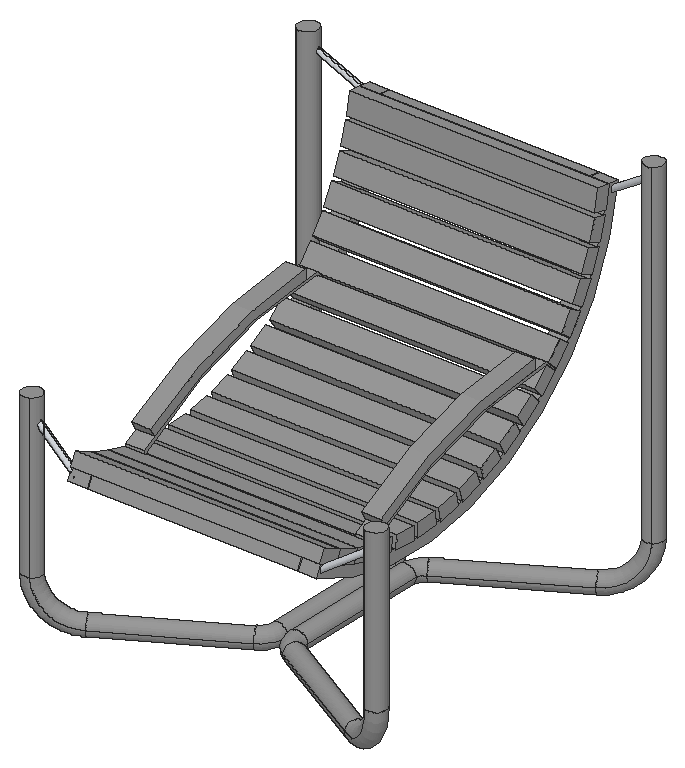
Revit family "42138 Кресло подвесное «Фрея» Хоббика", category Антураж, Revit 2018
Family settings
  На основе рабочей плоскости = Нет
  Всегда вертикально = Да
  При загрузке вырезать с полостями = Нет
  Источник визуального образа = Геометрия семейства
  Общий = Нет
  Точка расчета площади = Нет
Parameters (values of type "Кресло подвесное «Фрея»")
  Ширина = 990 mm  # constant formula
  Цвет отделки = Дерево
  Цвет каркаса = Сталь
  Описание = "Кресло подвесное «Фрея»"  # constant formula
  Материал изделия = "Сталь, дерево"  # constant formula
  Изображение типоразмера = Кресло подвесное «Фрея» Арт 42138.jpg
  Изготовитель = "ООО «Хоббика»"  # constant formula
  Длина = 950 mm  # constant formula
  Группа модели = "Скамейки"  # constant formula
  Высота = 1020 mm  # constant formula
  Артикул товара = "Арт. 42138"  # constant formula
  URL = "https://hobbyka.ru/product/kreslo_podvesnoe_freya"
Reference planes
  plane 1 "По центру (Вперед/Назад)": y = 0
  plane 2: z = 0
  plane 3 "По центру (Влево/Вправо)": x = 0
  plane 4: x = 950
  plane 5: y = 990
  plane 6: z = 1020
Forms (mm)
  Sweep 1, solid, material "Сталь" <- "Цвет каркаса"
    path origin (0, 0, 0) x (1, 0, 0) y (0, 1, 0)
      loop
        line (135.418, 911.816) -> (437.5, 737.409)
        arc (437.5, 737.409) -> (464.952, 709.957) -> (475, 672.457) r 75
        line (475, 672.457) -> (475, 317.543)
        arc (475, 317.543) -> (464.952, 280.043) -> (437.5, 252.591) r 75
        line (437.5, 252.591) -> (137.093, 79.151)
    profile origin (475, 495, 0) x (1, 0, 0) y (0, 0, 1)
      loop
        circle (-25, 25) r 25
  Sweep 2, solid, material "Сталь" <- "Цвет каркаса"
    path origin (15.849, 9.151, 0) x (0.866025, 0.5, 0) y (0, 0, 1)
      loop
        line (0, 560) -> (0, 140)
        arc (0, 140) -> (41.005, 41.005) -> (140, 0) r 140
    profile origin (15.849, 9.151, 350) x (0.5, -0.866025, 0) y (0.866025, 0.5, 0)
      loop
        circle (-25, 25) r 25
  Sweep 3, solid, material "Сталь" <- "Цвет каркаса"
    path origin (-10.825, 938.515, 0) x (0.866025, -0.5, 0) y (0, 0, 1)
      loop
        line (0, 1020) -> (0, 140)
        arc (0, 140) -> (41.005, 41.005) -> (140, 0) r 140
    profile origin (-10.825, 938.515, 580) x (-0.5, -0.866025, 0) y (0.866025, -0.5, 0)
      loop
        circle (-25, 25) r 25
  Sweep 4, solid, material "Сталь" <- "Цвет каркаса"
    path origin (950, 0, 0) x (-1, 0, 0) y (0, 1, 0)
      loop
        line (135.418, 911.816) -> (437.5, 737.409)
        arc (437.5, 737.409) -> (464.952, 709.957) -> (475, 672.457) r 75
        line (475, 672.457) -> (475, 317.543)
        arc (475, 317.543) -> (464.952, 280.043) -> (437.5, 252.591) r 75
        line (437.5, 252.591) -> (137.093, 79.151)
    profile origin (475, 495, 0) x (1, 0, 0) y (0, 0, 1)
      loop
        circle (25, 25) r 25
  Sweep 5, solid, material "Сталь" <- "Цвет каркаса"
    path origin (934.151, 9.151, 0) x (-0.866025, 0.5, 0) y (0, 0, -1)
      loop
        line (0, -560) -> (0, -140)
        arc (0, -140) -> (41.005, -41.005) -> (140, 0) r 140
    profile origin (934.151, 9.151, 350) x (-0.5, -0.866025, 0) y (0.866025, -0.5, 0)
      loop
        circle (-25, -25) r 25
  Sweep 6, solid, material "Сталь" <- "Цвет каркаса"
    path origin (960.825, 938.515, 0) x (-0.866025, -0.5, 0) y (0, 0, -1)
      loop
        line (0, -1020) -> (0, -140)
        arc (0, -140) -> (41.005, -41.005) -> (140, 0) r 140
    profile origin (960.825, 938.515, 580) x (0.5, -0.866025, 0) y (0.866025, 0.5, 0)
      loop
        circle (-25, -25) r 25
  Extrusion 7, solid, material "Сталь" <- "Цвет каркаса"
    sketch origin (0, 0, 0) x (0, 1, 0) y (0, 0, 1)
      loop
        line (990, 915) -> (959.88, 919.064)
        arc (959.88, 919.064) -> (901.696, 726.428) -> (786.804, 561.221) r 642.83
        line (786.804, 561.221) -> (757.919, 590.113)
        arc (757.919, 590.113) -> (462.933, 545.979) -> (193.699, 417.614) r 1010.044
        line (193.699, 417.614) -> (185.773, 378.061)
        arc (185.773, 378.061) -> (100.59, 403.028) -> (19.656, 439.488) r 643.084
        line (19.656, 439.488) -> (5.438, 413.34)
        arc (5.438, 413.34) -> (628.829, 406.853) -> (990, 915) r 672.898
      loop
        arc (189.915, 377.173) -> (510.308, 391.283) -> (784.048, 558.366) r 643.101
        line (784.048, 558.366) -> (755.851, 585.111)
        arc (755.851, 585.111) -> (464.361, 541.187) -> (198.152, 414.583) r 1005.044
        line (198.152, 414.583) -> (189.915, 377.173)
    from 150 to 200
  Extrusion 8, solid, material "Сталь" <- "Цвет каркаса"
    sketch origin (0, 0, 0) x (0, 1, 0) y (0, 0, 1)
      loop
        line (990, 915) -> (959.88, 919.064)
        arc (959.88, 919.064) -> (901.696, 726.428) -> (786.804, 561.221) r 642.83
        line (786.804, 561.221) -> (757.919, 590.113)
        arc (757.919, 590.113) -> (462.933, 545.979) -> (193.699, 417.614) r 1010.044
        line (193.699, 417.614) -> (185.773, 378.061)
        arc (185.773, 378.061) -> (100.59, 403.028) -> (19.656, 439.488) r 643.084
        line (19.656, 439.488) -> (5.438, 413.34)
        arc (5.438, 413.34) -> (628.829, 406.853) -> (990, 915) r 672.898
      loop
        arc (189.915, 377.173) -> (510.308, 391.283) -> (784.048, 558.366) r 643.101
        line (784.048, 558.366) -> (755.851, 585.111)
        arc (755.851, 585.111) -> (464.361, 541.187) -> (198.152, 414.583) r 1005.044
        line (198.152, 414.583) -> (189.915, 377.173)
    from 750 to 800
  Extrusion 9, solid, material "Сталь" <- "Цвет каркаса"
    sketch origin (0, 0, 0) x (0, 1, 0) y (0, 0, 1)
      loop
        arc (5.438, 413.34) -> (29.94, 400.844) -> (54.933, 389.36) r 672.898
        line (54.933, 389.36) -> (69.194, 415.586)
        arc (69.194, 415.586) -> (44.169, 427.007) -> (19.656, 439.488) r 643.084
        line (19.656, 439.488) -> (5.438, 413.34)
      loop
        arc (959.88, 919.064) -> (955.838, 893.419) -> (950.763, 867.959) r 642.83
        line (950.763, 867.959) -> (980.43, 861.413)
        arc (980.43, 861.413) -> (985.757, 888.109) -> (990, 915) r 672.898
        line (990, 915) -> (959.88, 919.064)
    from 200 to 750
  Extrusion 10, solid, material "Дерево" <- "Цвет отделки"
    sketch origin (0, 0, 0) x (0, 1, 0) y (0, 0, 1)
      loop
        line (185.773, 378.061) -> (192.651, 412.385)
        arc (192.651, 412.385) -> (165.94, 418.913) -> (139.551, 426.643) r 608.084
        line (139.551, 426.643) -> (128.956, 393.285)
        arc (128.956, 393.285) -> (157.191, 385.023) -> (185.773, 378.061) r 643.084
    from 150 to 800
  Extrusion 11, solid, material "Дерево" <- "Цвет отделки"
    sketch origin (0, 0, 0) x (0, 1, 0) y (0, 0, 1)
      loop
        line (825.606, 605.551) -> (798.24, 627.372)
        arc (798.24, 627.372) -> (780.615, 606.266) -> (762.053, 585.978) r 607.83
        line (762.053, 585.978) -> (786.804, 561.221)
        arc (786.804, 561.221) -> (806.713, 582.941) -> (825.606, 605.551) r 642.83
    from 150 to 800
  Extrusion 12, solid, material "Дерево" <- "Цвет отделки"
    sketch origin (0, 560.242, -23.595) x (0, 0.859256, 0.511547) y (0, -0.511547, 0.859256)
      loop
        line (825.606, 605.551) -> (798.24, 627.372)
        arc (798.24, 627.372) -> (780.615, 606.266) -> (762.053, 585.978) r 607.83
        line (762.053, 585.978) -> (786.804, 561.221)
        arc (786.804, 561.221) -> (806.713, 582.941) -> (825.606, 605.551) r 642.83
    from 150 to 800
  Extrusion 13, solid, material "Дерево" <- "Цвет отделки"
    sketch origin (0, 109.729, -28.825) x (0, 0.994239, 0.10719) y (0, -0.10719, 0.994239)
      loop
        line (825.606, 605.551) -> (798.24, 627.372)
        arc (798.24, 627.372) -> (780.615, 606.266) -> (762.053, 585.978) r 607.83
        line (762.053, 585.978) -> (786.804, 561.221)
        arc (786.804, 561.221) -> (806.713, 582.941) -> (825.606, 605.551) r 642.83
    from 150 to 800
  Extrusion 14, solid, material "Дерево" <- "Цвет отделки"
    sketch origin (0, 221.916, -45.721) x (0, 0.97702, 0.213146) y (0, -0.213146, 0.97702)
      loop
        line (825.606, 605.551) -> (798.24, 627.372)
        arc (798.24, 627.372) -> (780.615, 606.266) -> (762.053, 585.978) r 607.83
        line (762.053, 585.978) -> (786.804, 561.221)
        arc (786.804, 561.221) -> (806.713, 582.941) -> (825.606, 605.551) r 642.83
    from 150 to 800
  Extrusion 15, solid, material "Дерево" <- "Цвет отделки"
    sketch origin (0, 335.267, -50.495) x (0, 0.948544, 0.316645) y (0, -0.316645, 0.948544)
      loop
        line (825.606, 605.551) -> (798.24, 627.372)
        arc (798.24, 627.372) -> (780.615, 606.266) -> (762.053, 585.978) r 607.83
        line (762.053, 585.978) -> (786.804, 561.221)
        arc (786.804, 561.221) -> (806.713, 582.941) -> (825.606, 605.551) r 642.83
    from 150 to 800
  Extrusion 16, solid, material "Дерево" <- "Цвет отделки"
    sketch origin (0, 448.478, -43.091) x (0, 0.909138, 0.416495) y (0, -0.416495, 0.909138)
      loop
        line (825.606, 605.551) -> (798.24, 627.372)
        arc (798.24, 627.372) -> (780.615, 606.266) -> (762.053, 585.978) r 607.83
        line (762.053, 585.978) -> (786.804, 561.221)
        arc (786.804, 561.221) -> (806.713, 582.941) -> (825.606, 605.551) r 642.83
    from 150 to 800
  Extrusion 17, solid, material "Дерево" <- "Цвет отделки"
    sketch origin (0, 0, 0) x (0, 1, 0) y (0, 0, 1)
      loop
        line (784.048, 558.366) -> (758.652, 582.454)
        arc (758.652, 582.454) -> (739.04, 563.18) -> (718.577, 544.812) r 608.101
        line (718.577, 544.812) -> (741.362, 518.244)
        arc (741.362, 518.244) -> (763.162, 537.819) -> (784.048, 558.366) r 643.101
    from 150 to 800
  Extrusion 18, solid, material "Дерево" <- "Цвет отделки"
    sketch origin (0, -672.283, 650.758) x (0, 0.60813, -0.793838) y (0, 0.793838, 0.60813)
      loop
        line (784.048, 558.366) -> (758.652, 582.454)
        arc (758.652, 582.454) -> (739.04, 563.18) -> (718.577, 544.812) r 608.101
        line (718.577, 544.812) -> (741.362, 518.244)
        arc (741.362, 518.244) -> (763.162, 537.819) -> (784.048, 558.366) r 643.101
    from 150 to 800
  Extrusion 19, solid, material "Дерево" <- "Цвет отделки"
    sketch origin (0, -112.989, 43.552) x (0, 0.993436, -0.114386) y (0, 0.114386, 0.993436)
      loop
        line (784.048, 558.366) -> (758.652, 582.454)
        arc (758.652, 582.454) -> (739.04, 563.18) -> (718.577, 544.812) r 608.101
        line (718.577, 544.812) -> (741.362, 518.244)
        arc (741.362, 518.244) -> (763.162, 537.819) -> (784.048, 558.366) r 643.101
    from 150 to 800
  Extrusion 20, solid, material "Дерево" <- "Цвет отделки"
    sketch origin (0, -220.255, 99.742) x (0, 0.973832, -0.22727) y (0, 0.22727, 0.973832)
      loop
        line (784.048, 558.366) -> (758.652, 582.454)
        arc (758.652, 582.454) -> (739.04, 563.18) -> (718.577, 544.812) r 608.101
        line (718.577, 544.812) -> (741.362, 518.244)
        arc (741.362, 518.244) -> (763.162, 537.819) -> (784.048, 558.366) r 643.101
    from 150 to 800
  Extrusion 21, solid, material "Дерево" <- "Цвет отделки"
    sketch origin (0, -320.389, 167.833) x (0, 0.941443, -0.337171) y (0, 0.337171, 0.941443)
      loop
        line (784.048, 558.366) -> (758.652, 582.454)
        arc (758.652, 582.454) -> (739.04, 563.18) -> (718.577, 544.812) r 608.101
        line (718.577, 544.812) -> (741.362, 518.244)
        arc (741.362, 518.244) -> (763.162, 537.819) -> (784.048, 558.366) r 643.101
    from 150 to 800
  Extrusion 22, solid, material "Дерево" <- "Цвет отделки"
    sketch origin (0, -412.078, 246.931) x (0, 0.896697, -0.442646) y (0, 0.442646, 0.896697)
      loop
        line (784.048, 558.366) -> (758.652, 582.454)
        arc (758.652, 582.454) -> (739.04, 563.18) -> (718.577, 544.812) r 608.101
        line (718.577, 544.812) -> (741.362, 518.244)
        arc (741.362, 518.244) -> (763.162, 537.819) -> (784.048, 558.366) r 643.101
    from 150 to 800
  Extrusion 23, solid, material "Дерево" <- "Цвет отделки"
    sketch origin (0, -494.117, 335.998) x (0, 0.840179, -0.54231) y (0, 0.54231, 0.840179)
      loop
        line (784.048, 558.366) -> (758.652, 582.454)
        arc (758.652, 582.454) -> (739.04, 563.18) -> (718.577, 544.812) r 608.101
        line (718.577, 544.812) -> (741.362, 518.244)
        arc (741.362, 518.244) -> (763.162, 537.819) -> (784.048, 558.366) r 643.101
    from 150 to 800
  Extrusion 24, solid, material "Дерево" <- "Цвет отделки"
    sketch origin (0, -565.429, 433.864) x (0, 0.772632, -0.634855) y (0, 0.634855, 0.772632)
      loop
        line (784.048, 558.366) -> (758.652, 582.454)
        arc (758.652, 582.454) -> (739.04, 563.18) -> (718.577, 544.812) r 608.101
        line (718.577, 544.812) -> (741.362, 518.244)
        arc (741.362, 518.244) -> (763.162, 537.819) -> (784.048, 558.366) r 643.101
    from 150 to 800
  Extrusion 25, solid, material "Дерево" <- "Цвет отделки"
    sketch origin (0, -625.079, 539.245) x (0, 0.694942, -0.719066) y (0, 0.719066, 0.694942)
      loop
        line (784.048, 558.366) -> (758.652, 582.454)
        arc (758.652, 582.454) -> (739.04, 563.18) -> (718.577, 544.812) r 608.101
        line (718.577, 544.812) -> (741.362, 518.244)
        arc (741.362, 518.244) -> (763.162, 537.819) -> (784.048, 558.366) r 643.101
    from 150 to 800
  Extrusion 26, solid, material "Дерево" <- "Цвет отделки"
    sketch origin (0, -722.384, 850.797) x (0, 0.442401, -0.896817) y (0, 0.896817, 0.442401)
      loop
        line (784.048, 558.366) -> (758.652, 582.454)
        arc (758.652, 582.454) -> (739.04, 563.18) -> (718.577, 544.812) r 608.101
        line (718.577, 544.812) -> (741.362, 518.244)
        arc (741.362, 518.244) -> (763.162, 537.819) -> (784.048, 558.366) r 643.101
    from 150 to 800
  Extrusion 27, solid, material "Дерево" <- "Цвет отделки"
    sketch origin (0, -732.55, 953.127) x (0, 0.353152, -0.935566) y (0, 0.935566, 0.353152)
      loop
        line (784.048, 558.366) -> (758.652, 582.454)
        arc (758.652, 582.454) -> (739.04, 563.18) -> (718.577, 544.812) r 608.101
        line (718.577, 544.812) -> (741.362, 518.244)
        arc (741.362, 518.244) -> (763.162, 537.819) -> (784.048, 558.366) r 643.101
    from 150 to 800
  Extrusion 28, solid, material "Дерево" <- "Цвет отделки"
    sketch origin (0, 0, 0) x (0, 1, 0) y (0, 0, 1)
      loop
        line (718.895, 589.347) -> (717.921, 614.328)
        arc (717.921, 614.328) -> (455.624, 569.887) -> (213.319, 460.055) r 1035.044
        line (213.319, 460.055) -> (226.48, 438.801)
        arc (226.48, 438.801) -> (462.933, 545.979) -> (718.895, 589.347) r 1010.044
    from 150 to 200
  Extrusion 29, solid, material "Дерево" <- "Цвет отделки"
    sketch origin (0, 0, 0) x (0, 1, 0) y (0, 0, 1)
      loop
        line (718.895, 589.347) -> (717.921, 614.328)
        arc (717.921, 614.328) -> (455.624, 569.887) -> (213.319, 460.055) r 1035.044
        line (213.319, 460.055) -> (226.48, 438.801)
        arc (226.48, 438.801) -> (462.933, 545.979) -> (718.895, 589.347) r 1010.044
    from 750 to 800
  Sweep 30, solid
    path origin (419.496, -233.385, 1573.358) x (0.918358, 0.144163, -0.368559) y (-0.393313, 0.229259, -0.890363)
      loop
        line (23.325, 947.666) -> (184.629, 982.396)
    profile origin (135.425, 2.846, 675.809) x (-0.577805, 0.193778, -0.792838) y (-0.043862, 0.962631, 0.267243)
      loop
        circle (0, 995) r 7.5
  Sweep 31, solid
    path origin (530.504, -233.385, 1573.358) x (-0.918358, 0.144163, -0.368559) y (-0.393313, -0.229259, 0.890363)
      loop
        line (23.325, -947.666) -> (184.629, -982.396)
    profile origin (814.575, 2.846, 675.809) x (-0.577805, -0.193778, 0.792838) y (0.043862, 0.962631, 0.267243)
      loop
        circle (0, 995) r 7.5
  Sweep 32, solid
    path origin (357.362, 1242.215, 1098.358) x (0.924644, -0.095902, -0.368559) y (0.380775, 0.249529, 0.890363)
      loop
        line (23.325, -947.666) -> (184.629, -982.396)
    profile origin (86.044, 991.44, 200.809) x (0.566871, 0.223752, 0.792838) y (0.006579, -0.963607, 0.267243)
      loop
        circle (0, 995) r 7.5
  Sweep 33, solid
    path origin (592.638, 1242.215, 1098.358) x (-0.924644, -0.095902, -0.368559) y (0.380775, -0.249529, -0.890363)
      loop
        line (23.325, 947.666) -> (184.629, 982.396)
    profile origin (863.956, 991.44, 200.809) x (0.566871, -0.223752, -0.792838) y (-0.006579, -0.963607, 0.267243)
      loop
        circle (0, 995) r 7.5
Cuts and joins
  joined: Sweep 1, Sweep 2, Sweep 3
  joined: Sweep 4, Sweep 5, Sweep 6
Dimensions and locks
  "Ширина": plane 5 to plane 1 "По центру (Вперед/Назад)"
  "Длина": plane 4 to plane 3 "По центру (Влево/Вправо)"
  "Высота": plane 6 to plane 2
  aligned and locked: level to plane 2
Automatic sketch dimensions
  plane 3 "По центру (Влево/Вправо)" to Sweep 1 sketch curve = 400 mm
  Sweep 1 sketch curve to Sweep 1 sketch curve = 0 mm
  Sweep 1 sketch curve to plane 5 = 252.591 mm
  Sweep 1 sketch curve to Sweep 1 sketch curve = 37.5 mm  (x3)
  Sweep 1 sketch curve to plane 1 "По центру (Вперед/Назад)" = 252.591 mm
  plane 3 "По центру (Влево/Вправо)" to Sweep 1 sketch curve = 137.093 mm
  plane 3 "По центру (Влево/Вправо)" to Sweep 1 sketch curve = 135.418 mm
  Sweep 1 sketch curve to plane 1 "По центру (Вперед/Назад)" = 79.151 mm
  Sweep 1 sketch curve to plane 5 = 78.184 mm
  profile plane to Sweep 1 sketch curve = 25 mm
  level to Sweep 1 sketch curve = 25 mm
  Sweep 2 sketch curve to level = 0 mm
  level to Sweep 2 sketch curve = 140 mm
  Sweep 2 sketch curve to Sweep 2 sketch curve = 420 mm
  Sweep 2 sketch curve to profile plane = 25 mm  (x2)
  Sweep 3 sketch curve to plane 6 = 0 mm
  Sweep 3 sketch curve to level = 0 mm
  level to Sweep 3 sketch curve = 140 mm
  Sweep 3 sketch curve to profile plane = 25 mm  (x2)
  plane 4 to Sweep 4 sketch curve = 400 mm
  Sweep 4 sketch curve to Sweep 4 sketch curve = 0 mm
  plane 5 to Sweep 4 sketch curve = 252.591 mm
  Sweep 4 sketch curve to Sweep 4 sketch curve = 37.5 mm  (x3)
  plane 1 "По центру (Вперед/Назад)" to Sweep 4 sketch curve = 252.591 mm
  plane 4 to Sweep 4 sketch curve = 137.093 mm
  plane 4 to Sweep 4 sketch curve = 135.418 mm
  plane 1 "По центру (Вперед/Назад)" to Sweep 4 sketch curve = 79.151 mm
  plane 5 to Sweep 4 sketch curve = 78.184 mm
  Sweep 4 sketch curve to profile plane = 25 mm
  level to Sweep 4 sketch curve = 25 mm
  Sweep 5 sketch curve to level = 0 mm
  level to Sweep 5 sketch curve = 140 mm
  Sweep 5 sketch curve to Sweep 5 sketch curve = 420 mm
  Sweep 5 sketch curve to profile plane = 25 mm
  profile plane to Sweep 5 sketch curve = 25 mm
  Sweep 6 sketch curve to plane 6 = 0 mm
  Sweep 6 sketch curve to level = 0 mm
  level to Sweep 6 sketch curve = 140 mm
  Sweep 6 sketch curve to profile plane = 25 mm
  profile plane to Sweep 6 sketch curve = 25 mm
  Extrusion 7 sketch curve to Extrusion 7 sketch curve = 0 mm  (x2)
  Extrusion 7 sketch curve to plane 5 = 0 mm
  Extrusion 7 sketch curve to plane 5 = 30.12 mm
  Extrusion 7 sketch curve to plane 5 = 203.196 mm
  Extrusion 7 sketch curve to Extrusion 7 sketch curve = 2.757 mm
  Extrusion 7 sketch curve to plane 5 = 231.758 mm
  Extrusion 7 sketch curve to Extrusion 7 sketch curve = 28.885 mm
  Extrusion 7 sketch curve to Extrusion 7 sketch curve = 2.068 mm
  Extrusion 7 sketch curve to plane 6 = 13.804 mm
  Extrusion 7 sketch curve to plane 1 "По центру (Вперед/Назад)" = 323.629 mm
  Extrusion 7 sketch curve to Extrusion 7 sketch curve = 0.29 mm  (x2)
  Extrusion 7 sketch curve to Extrusion 7 sketch curve = 0.339 mm
  Extrusion 7 sketch curve to plane 1 "По центру (Вперед/Назад)" = 198.152 mm
  Extrusion 7 sketch curve to Extrusion 7 sketch curve = 4.452 mm
  Extrusion 7 sketch curve to Extrusion 7 sketch curve = 8.237 mm
  Extrusion 7 sketch curve to Extrusion 7 sketch curve = 4.141 mm
  Extrusion 7 sketch curve to plane 1 "По центру (Вперед/Назад)" = 19.656 mm
  Extrusion 7 sketch curve to plane 1 "По центру (Вперед/Назад)" = 5.438 mm
  Extrusion 7 sketch curve to plane 6 = 100.936 mm
  Extrusion 7 sketch curve to Extrusion 7 sketch curve = 4.064 mm
  Extrusion 7 sketch curve to Extrusion 7 sketch curve = 328.95 mm
  Extrusion 7 sketch curve to Extrusion 7 sketch curve = 5.003 mm
  Extrusion 7 sketch curve to Extrusion 7 sketch curve = 23.89 mm
  Extrusion 7 sketch curve to Extrusion 7 sketch curve = 2.855 mm
  level to Extrusion 7 sketch curve = 439.488 mm
  Extrusion 7 sketch curve to Extrusion 7 sketch curve = 39.553 mm
  Extrusion 7 sketch curve to Extrusion 7 sketch curve = 26.148 mm
  Extrusion 7 sketch curve to Extrusion 7 sketch curve = 0.888 mm
  Extrusion 8 sketch curve to Extrusion 8 sketch curve = 0 mm  (x2)
  Extrusion 8 sketch curve to plane 5 = 0 mm
  Extrusion 8 sketch curve to plane 5 = 30.12 mm
  Extrusion 8 sketch curve to plane 5 = 203.196 mm
  Extrusion 8 sketch curve to Extrusion 8 sketch curve = 2.757 mm
  Extrusion 8 sketch curve to plane 5 = 231.758 mm
  Extrusion 8 sketch curve to Extrusion 8 sketch curve = 28.885 mm
  Extrusion 8 sketch curve to Extrusion 8 sketch curve = 2.068 mm
  Extrusion 8 sketch curve to plane 6 = 13.804 mm
  Extrusion 8 sketch curve to plane 1 "По центру (Вперед/Назад)" = 323.629 mm
  Extrusion 8 sketch curve to Extrusion 8 sketch curve = 0.29 mm  (x2)
  Extrusion 8 sketch curve to Extrusion 8 sketch curve = 0.339 mm
  Extrusion 8 sketch curve to plane 1 "По центру (Вперед/Назад)" = 198.152 mm
  Extrusion 8 sketch curve to Extrusion 8 sketch curve = 4.452 mm
  Extrusion 8 sketch curve to Extrusion 8 sketch curve = 8.237 mm
  Extrusion 8 sketch curve to Extrusion 8 sketch curve = 4.141 mm
  Extrusion 8 sketch curve to plane 1 "По центру (Вперед/Назад)" = 19.656 mm
  Extrusion 8 sketch curve to plane 1 "По центру (Вперед/Назад)" = 5.438 mm
  Extrusion 8 sketch curve to plane 6 = 100.936 mm
  Extrusion 8 sketch curve to Extrusion 8 sketch curve = 4.064 mm
  Extrusion 8 sketch curve to Extrusion 8 sketch curve = 328.95 mm
  Extrusion 8 sketch curve to Extrusion 8 sketch curve = 5.003 mm
  Extrusion 8 sketch curve to Extrusion 8 sketch curve = 23.89 mm
  Extrusion 8 sketch curve to Extrusion 8 sketch curve = 2.855 mm
  level to Extrusion 8 sketch curve = 439.488 mm
  Extrusion 8 sketch curve to Extrusion 8 sketch curve = 39.553 mm
  Extrusion 8 sketch curve to Extrusion 8 sketch curve = 26.148 mm
  Extrusion 8 sketch curve to Extrusion 8 sketch curve = 0.888 mm
  Extrusion 9 sketch curve to Extrusion 9 sketch curve = 0 mm  (x2)
  Extrusion 9 sketch curve to plane 5 = 0 mm
  Extrusion 9 sketch curve to plane 5 = 9.57 mm
  Extrusion 9 sketch curve to plane 5 = 30.12 mm
  Extrusion 9 sketch curve to Extrusion 9 sketch curve = 29.667 mm
  Extrusion 9 sketch curve to plane 6 = 13.804 mm
  Extrusion 9 sketch curve to plane 1 "По центру (Вперед/Назад)" = 323.629 mm
  Extrusion 9 sketch curve to Extrusion 9 sketch curve = 0.29 mm
  Extrusion 9 sketch curve to Extrusion 9 sketch curve = 0.339 mm
  Extrusion 9 sketch curve to plane 1 "По центру (Вперед/Назад)" = 69.194 mm
  Extrusion 9 sketch curve to Extrusion 9 sketch curve = 14.261 mm
  Extrusion 9 sketch curve to plane 1 "По центру (Вперед/Назад)" = 19.656 mm
  Extrusion 9 sketch curve to plane 1 "По центру (Вперед/Назад)" = 5.438 mm
  Extrusion 9 sketch curve to plane 6 = 100.936 mm
  Extrusion 9 sketch curve to Extrusion 9 sketch curve = 4.064 mm
  Extrusion 9 sketch curve to Extrusion 9 sketch curve = 51.105 mm
  Extrusion 9 sketch curve to Extrusion 9 sketch curve = 6.546 mm
  level to Extrusion 9 sketch curve = 439.488 mm
  Extrusion 9 sketch curve to Extrusion 9 sketch curve = 26.148 mm
  Extrusion 10 sketch curve to Extrusion 10 sketch curve = 0 mm  (x2)
  Extrusion 10 sketch curve to plane 1 "По центру (Вперед/Назад)" = 128.956 mm
  Extrusion 10 sketch curve to Extrusion 10 sketch curve = 10.595 mm
  Extrusion 10 sketch curve to Extrusion 10 sketch curve = 56.817 mm
  Extrusion 10 sketch curve to Extrusion 10 sketch curve = 6.878 mm
  Extrusion 10 sketch curve to plane 6 = 13.804 mm
  Extrusion 10 sketch curve to plane 1 "По центру (Вперед/Назад)" = 323.629 mm
  level to Extrusion 10 sketch curve = 426.643 mm
  Extrusion 10 sketch curve to Extrusion 10 sketch curve = 33.358 mm
  Extrusion 11 sketch curve to Extrusion 11 sketch curve = 0 mm  (x2)
  Extrusion 11 sketch curve to plane 6 = 13.676 mm
  Extrusion 11 sketch curve to plane 1 "По центру (Вперед/Назад)" = 323 mm
  Extrusion 11 sketch curve to plane 5 = 227.947 mm
  Extrusion 11 sketch curve to Extrusion 11 sketch curve = 24.751 mm
  Extrusion 11 sketch curve to Extrusion 11 sketch curve = 36.187 mm
  Extrusion 11 sketch curve to Extrusion 11 sketch curve = 27.365 mm
  Extrusion 11 sketch curve to plane 6 = 392.628 mm
  Extrusion 11 sketch curve to Extrusion 11 sketch curve = 21.821 mm
  Extrusion 12 sketch curve to Extrusion 12 sketch curve = 0 mm  (x2)
  Extrusion 12 sketch curve to plane 6 = 13.676 mm
  Extrusion 12 sketch curve to plane 1 "По центру (Вперед/Назад)" = 323 mm
  Extrusion 12 sketch curve to Extrusion 12 sketch curve = 439.053 mm
  Extrusion 12 sketch curve to Extrusion 12 sketch curve = 24.751 mm
  Extrusion 12 sketch curve to Extrusion 12 sketch curve = 36.187 mm
  Extrusion 12 sketch curve to Extrusion 12 sketch curve = 27.365 mm
  Extrusion 12 sketch curve to Extrusion 12 sketch curve = 378.952 mm
  Extrusion 12 sketch curve to Extrusion 12 sketch curve = 21.821 mm
  Extrusion 13 sketch curve to Extrusion 13 sketch curve = 0 mm  (x2)
  Extrusion 13 sketch curve to plane 6 = 13.676 mm
  Extrusion 13 sketch curve to plane 1 "По центру (Вперед/Назад)" = 323 mm
  Extrusion 13 sketch curve to Extrusion 13 sketch curve = 439.053 mm
  Extrusion 13 sketch curve to Extrusion 13 sketch curve = 24.751 mm
  Extrusion 13 sketch curve to Extrusion 13 sketch curve = 36.187 mm
  Extrusion 13 sketch curve to Extrusion 13 sketch curve = 27.365 mm
  Extrusion 13 sketch curve to Extrusion 13 sketch curve = 378.952 mm
  Extrusion 13 sketch curve to Extrusion 13 sketch curve = 21.821 mm
  Extrusion 14 sketch curve to Extrusion 14 sketch curve = 0 mm  (x2)
  Extrusion 14 sketch curve to plane 6 = 13.676 mm
  Extrusion 14 sketch curve to plane 1 "По центру (Вперед/Назад)" = 323 mm
  Extrusion 14 sketch curve to Extrusion 14 sketch curve = 439.053 mm
  Extrusion 14 sketch curve to Extrusion 14 sketch curve = 24.751 mm
  Extrusion 14 sketch curve to Extrusion 14 sketch curve = 36.187 mm
  Extrusion 14 sketch curve to Extrusion 14 sketch curve = 27.365 mm
  Extrusion 14 sketch curve to Extrusion 14 sketch curve = 378.952 mm
  Extrusion 14 sketch curve to Extrusion 14 sketch curve = 21.821 mm
  Extrusion 15 sketch curve to Extrusion 15 sketch curve = 0 mm  (x2)
  Extrusion 15 sketch curve to plane 6 = 13.676 mm
  Extrusion 15 sketch curve to plane 1 "По центру (Вперед/Назад)" = 323 mm
  Extrusion 15 sketch curve to Extrusion 15 sketch curve = 439.053 mm
  Extrusion 15 sketch curve to Extrusion 15 sketch curve = 24.751 mm
  Extrusion 15 sketch curve to Extrusion 15 sketch curve = 36.187 mm
  Extrusion 15 sketch curve to Extrusion 15 sketch curve = 27.365 mm
  Extrusion 15 sketch curve to Extrusion 15 sketch curve = 378.952 mm
  Extrusion 15 sketch curve to Extrusion 15 sketch curve = 21.821 mm
  Extrusion 16 sketch curve to Extrusion 16 sketch curve = 0 mm  (x2)
  Extrusion 16 sketch curve to plane 6 = 13.676 mm
  Extrusion 16 sketch curve to plane 1 "По центру (Вперед/Назад)" = 323 mm
  Extrusion 16 sketch curve to Extrusion 16 sketch curve = 439.053 mm
  Extrusion 16 sketch curve to Extrusion 16 sketch curve = 24.751 mm
  Extrusion 16 sketch curve to Extrusion 16 sketch curve = 36.187 mm
  Extrusion 16 sketch curve to Extrusion 16 sketch curve = 27.365 mm
  Extrusion 16 sketch curve to Extrusion 16 sketch curve = 378.952 mm
  Extrusion 16 sketch curve to Extrusion 16 sketch curve = 21.821 mm
  Extrusion 17 sketch curve to Extrusion 17 sketch curve = 0 mm  (x2)
  Extrusion 17 sketch curve to plane 6 = 13.586 mm
  Extrusion 17 sketch curve to plane 1 "По центру (Вперед/Назад)" = 322.71 mm
  Extrusion 17 sketch curve to plane 5 = 271.423 mm
  Extrusion 17 sketch curve to Extrusion 17 sketch curve = 22.785 mm
  Extrusion 17 sketch curve to Extrusion 17 sketch curve = 40.075 mm
  Extrusion 17 sketch curve to Extrusion 17 sketch curve = 25.396 mm
  Extrusion 17 sketch curve to plane 6 = 437.546 mm
  Extrusion 17 sketch curve to Extrusion 17 sketch curve = 24.088 mm
  Extrusion 18 sketch curve to Extrusion 18 sketch curve = 0 mm  (x2)
  Extrusion 18 sketch curve to plane 6 = 13.391 mm
  Extrusion 18 sketch curve to plane 1 "По центру (Вперед/Назад)" = 322.896 mm
  Extrusion 18 sketch curve to Extrusion 18 sketch curve = 395.867 mm
  Extrusion 18 sketch curve to Extrusion 18 sketch curve = 22.785 mm
  Extrusion 18 sketch curve to Extrusion 18 sketch curve = 40.075 mm
  Extrusion 18 sketch curve to Extrusion 18 sketch curve = 25.396 mm
  Extrusion 18 sketch curve to Extrusion 18 sketch curve = 423.96 mm
  Extrusion 18 sketch curve to Extrusion 18 sketch curve = 24.088 mm
  Extrusion 19 sketch curve to Extrusion 19 sketch curve = 0 mm  (x2)
  Extrusion 19 sketch curve to plane 6 = 13.553 mm
  Extrusion 19 sketch curve to plane 1 "По центру (Вперед/Назад)" = 322.722 mm
  Extrusion 19 sketch curve to Extrusion 19 sketch curve = 395.867 mm
  Extrusion 19 sketch curve to Extrusion 19 sketch curve = 22.785 mm
  Extrusion 19 sketch curve to Extrusion 19 sketch curve = 40.075 mm
  Extrusion 19 sketch curve to Extrusion 19 sketch curve = 25.396 mm
  Extrusion 19 sketch curve to Extrusion 19 sketch curve = 423.96 mm
  Extrusion 19 sketch curve to Extrusion 19 sketch curve = 24.088 mm
  Extrusion 20 sketch curve to Extrusion 20 sketch curve = 0 mm  (x2)
  Extrusion 20 sketch curve to plane 6 = 13.522 mm
  Extrusion 20 sketch curve to plane 1 "По центру (Вперед/Назад)" = 322.738 mm
  Extrusion 20 sketch curve to Extrusion 20 sketch curve = 395.867 mm
  Extrusion 20 sketch curve to Extrusion 20 sketch curve = 22.785 mm
  Extrusion 20 sketch curve to Extrusion 20 sketch curve = 40.075 mm
  Extrusion 20 sketch curve to Extrusion 20 sketch curve = 25.396 mm
  Extrusion 20 sketch curve to Extrusion 20 sketch curve = 423.96 mm
  Extrusion 20 sketch curve to Extrusion 20 sketch curve = 24.088 mm
  Extrusion 21 sketch curve to Extrusion 21 sketch curve = 0 mm  (x2)
  Extrusion 21 sketch curve to plane 6 = 13.493 mm
  Extrusion 21 sketch curve to plane 1 "По центру (Вперед/Назад)" = 322.758 mm
  Extrusion 21 sketch curve to Extrusion 21 sketch curve = 395.867 mm
  Extrusion 21 sketch curve to Extrusion 21 sketch curve = 22.785 mm
  Extrusion 21 sketch curve to Extrusion 21 sketch curve = 40.075 mm
  Extrusion 21 sketch curve to Extrusion 21 sketch curve = 25.396 mm
  Extrusion 21 sketch curve to Extrusion 21 sketch curve = 423.96 mm
  Extrusion 21 sketch curve to Extrusion 21 sketch curve = 24.088 mm
  Extrusion 22 sketch curve to Extrusion 22 sketch curve = 0 mm  (x2)
  Extrusion 22 sketch curve to plane 6 = 13.467 mm
  Extrusion 22 sketch curve to plane 1 "По центру (Вперед/Назад)" = 322.78 mm
  Extrusion 22 sketch curve to Extrusion 22 sketch curve = 395.867 mm
  Extrusion 22 sketch curve to Extrusion 22 sketch curve = 22.785 mm
  Extrusion 22 sketch curve to Extrusion 22 sketch curve = 40.075 mm
  Extrusion 22 sketch curve to Extrusion 22 sketch curve = 25.396 mm
  Extrusion 22 sketch curve to Extrusion 22 sketch curve = 423.96 mm
  Extrusion 22 sketch curve to Extrusion 22 sketch curve = 24.088 mm
  Extrusion 23 sketch curve to Extrusion 23 sketch curve = 0 mm  (x2)
  Extrusion 23 sketch curve to plane 6 = 13.443 mm
  Extrusion 23 sketch curve to plane 1 "По центру (Вперед/Назад)" = 322.806 mm
  Extrusion 23 sketch curve to Extrusion 23 sketch curve = 395.867 mm
  Extrusion 23 sketch curve to Extrusion 23 sketch curve = 22.785 mm
  Extrusion 23 sketch curve to Extrusion 23 sketch curve = 40.075 mm
  Extrusion 23 sketch curve to Extrusion 23 sketch curve = 25.396 mm
  Extrusion 23 sketch curve to Extrusion 23 sketch curve = 423.96 mm
  Extrusion 23 sketch curve to Extrusion 23 sketch curve = 24.088 mm
  Extrusion 24 sketch curve to Extrusion 24 sketch curve = 0 mm  (x2)
  Extrusion 24 sketch curve to plane 6 = 13.422 mm
  Extrusion 24 sketch curve to plane 1 "По центру (Вперед/Назад)" = 322.834 mm
  Extrusion 24 sketch curve to Extrusion 24 sketch curve = 395.867 mm
  Extrusion 24 sketch curve to Extrusion 24 sketch curve = 22.785 mm
  Extrusion 24 sketch curve to Extrusion 24 sketch curve = 40.075 mm
  Extrusion 24 sketch curve to Extrusion 24 sketch curve = 25.396 mm
  Extrusion 24 sketch curve to Extrusion 24 sketch curve = 423.96 mm
  Extrusion 24 sketch curve to Extrusion 24 sketch curve = 24.088 mm
  Extrusion 25 sketch curve to Extrusion 25 sketch curve = 0 mm  (x2)
  Extrusion 25 sketch curve to plane 6 = 13.405 mm
  Extrusion 25 sketch curve to plane 1 "По центру (Вперед/Назад)" = 322.864 mm
  Extrusion 25 sketch curve to Extrusion 25 sketch curve = 395.867 mm
  Extrusion 25 sketch curve to Extrusion 25 sketch curve = 22.785 mm
  Extrusion 25 sketch curve to Extrusion 25 sketch curve = 40.075 mm
  Extrusion 25 sketch curve to Extrusion 25 sketch curve = 25.396 mm
  Extrusion 25 sketch curve to Extrusion 25 sketch curve = 423.96 mm
  Extrusion 25 sketch curve to Extrusion 25 sketch curve = 24.088 mm
  Extrusion 26 sketch curve to Extrusion 26 sketch curve = 0 mm  (x2)
  Extrusion 26 sketch curve to plane 6 = 13.376 mm
  Extrusion 26 sketch curve to plane 1 "По центру (Вперед/Назад)" = 322.953 mm
  Extrusion 26 sketch curve to Extrusion 26 sketch curve = 395.867 mm
  Extrusion 26 sketch curve to Extrusion 26 sketch curve = 22.785 mm
  Extrusion 26 sketch curve to Extrusion 26 sketch curve = 40.075 mm
  Extrusion 26 sketch curve to Extrusion 26 sketch curve = 25.396 mm
  Extrusion 26 sketch curve to Extrusion 26 sketch curve = 423.96 mm
  Extrusion 26 sketch curve to Extrusion 26 sketch curve = 24.088 mm
  Extrusion 27 sketch curve to Extrusion 27 sketch curve = 0 mm  (x2)
  Extrusion 27 sketch curve to plane 6 = 13.373 mm
  Extrusion 27 sketch curve to plane 1 "По центру (Вперед/Назад)" = 322.983 mm
  Extrusion 27 sketch curve to Extrusion 27 sketch curve = 395.867 mm
  Extrusion 27 sketch curve to Extrusion 27 sketch curve = 22.785 mm
  Extrusion 27 sketch curve to Extrusion 27 sketch curve = 40.075 mm
  Extrusion 27 sketch curve to Extrusion 27 sketch curve = 25.396 mm
  Extrusion 27 sketch curve to Extrusion 27 sketch curve = 423.96 mm
  Extrusion 27 sketch curve to Extrusion 27 sketch curve = 24.088 mm
  Extrusion 28 sketch curve to Extrusion 28 sketch curve = 0 mm  (x2)
  Extrusion 28 sketch curve to plane 1 "По центру (Вперед/Назад)" = 213.319 mm
  Extrusion 28 sketch curve to Extrusion 28 sketch curve = 13.162 mm
  Extrusion 28 sketch curve to plane 5 = 272.079 mm
  Extrusion 28 sketch curve to Extrusion 28 sketch curve = 0.974 mm
  Extrusion 28 sketch curve to plane 5 = 231.758 mm
  Extrusion 28 sketch curve to level = 419.93 mm
  level to Extrusion 28 sketch curve = 438.801 mm
  Extrusion 28 sketch curve to Extrusion 28 sketch curve = 21.255 mm
  Extrusion 29 sketch curve to Extrusion 29 sketch curve = 0 mm  (x2)
  Extrusion 29 sketch curve to plane 1 "По центру (Вперед/Назад)" = 213.319 mm
  Extrusion 29 sketch curve to Extrusion 29 sketch curve = 13.162 mm
  Extrusion 29 sketch curve to plane 5 = 272.079 mm
  Extrusion 29 sketch curve to Extrusion 29 sketch curve = 0.974 mm
  Extrusion 29 sketch curve to plane 5 = 231.758 mm
  Extrusion 29 sketch curve to level = 419.93 mm
  level to Extrusion 29 sketch curve = 438.801 mm
  Extrusion 29 sketch curve to Extrusion 29 sketch curve = 21.255 mm
  Sweep 30 sketch curve to Sweep 30 sketch curve = 161.303 mm
  Sweep 30 sketch curve to Sweep 30 sketch curve = 34.731 mm
  profile plane to Sweep 30 sketch curve = 0 mm
  profile plane to Sweep 30 sketch curve = 995 mm
  Sweep 31 sketch curve to Sweep 31 sketch curve = 161.303 mm
  Sweep 31 sketch curve to Sweep 31 sketch curve = 34.731 mm
  Sweep 31 sketch curve to profile plane = 0 mm
  profile plane to Sweep 31 sketch curve = 995 mm
  Sweep 32 sketch curve to Sweep 32 sketch curve = 161.303 mm
  Sweep 32 sketch curve to Sweep 32 sketch curve = 34.731 mm
  Sweep 32 sketch curve to profile plane = 0 mm
  profile plane to Sweep 32 sketch curve = 995 mm
  Sweep 33 sketch curve to Sweep 33 sketch curve = 161.303 mm
  Sweep 33 sketch curve to Sweep 33 sketch curve = 34.731 mm
  profile plane to Sweep 33 sketch curve = 0 mm
  profile plane to Sweep 33 sketch curve = 995 mm
  radius of Sweep 1 sketch curve = 25 mm
  radius of Sweep 2 sketch curve = 25 mm
  radius of Sweep 3 sketch curve = 25 mm
  radius of Sweep 4 sketch curve = 25 mm
  radius of Sweep 5 sketch curve = 25 mm
  radius of Sweep 6 sketch curve = 25 mm
  radius of Sweep 30 sketch curve = 7.5 mm
  radius of Sweep 31 sketch curve = 7.5 mm
  radius of Sweep 32 sketch curve = 7.5 mm
  radius of Sweep 33 sketch curve = 7.5 mm
